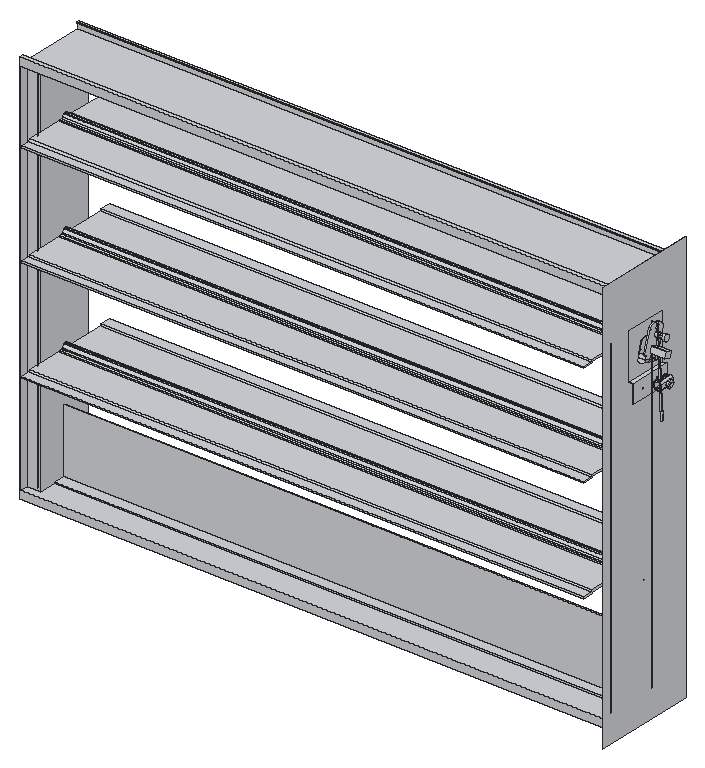
Revit family "BO-100", category Mechanical Equipment, Revit 2015
Parameters
  URL = "http://unitedenertech.com/catalog/pdf/E_10%20Model%20BO-100.pdf"
  Type Comments = "Max. Single Section Size is (36\"w x 24\"h)"
  Side Plate Height [instance] = Exact Height + 0' 1"  # 2' - 1"
  Model = "BO-100"
  Manufacturer = "United Enertech Corporation"
  Keynote = "This model is only a representation of the product, blade position will vary from built dampers."
  Exact Width = 3' - 0"
  Exact Height = 2' - 0"
  Description = "Rectangular Bowden Cable Damper"
  Blade Spacing = 0' - 6 1/4"
  Blade Number [instance] = rounddown((Exact Height - 0' 2 3/4") / Blade Spacing)  # 3
  BW [instance] = Exact Width - 0' 1 15/16"  # 2' - 10 1/16"
Reference planes (in)
  plane 1 "Center (Front/Back)": y = 0
  plane 2: z = 0
  plane 3 "Center (Left/Right)": x = 0
  plane 4: x = -18
  plane 5: x = 18
  plane 6: z = 24
  plane 7: z = 0.5
  plane 8: z = 23.5
  plane 9: x = -17.125
  plane 10: x = 17.125
  plane 11: z = 19.94956
  plane 12: z = 24.5
  plane 13: x = 18.0478
  plane 14: z = 20.22854
  plane 15: x = 19.49393
  plane 16: z = 21.85654
  plane 17: z = 21.36436
Forms (in)
  Extrusion 1, solid
    sketch origin (-10.94563, 56.53311, 0) x (0, 1, 0) y (-1, 0, 0)
      loop
        line (-56.53311, 6.97437) -> (-56.07011, 6.97437) -> (-56.07011, 6.17937) -> (-52.49611, 6.17937) -> (-52.49611, 6.97437) -> (-52.03311, 6.97437) -> (-52.03311, 7.05437) -> (-52.57611, 7.05437) -> (-52.57611, 6.46516) -> (-52.61757, 6.51649) -> (-52.6794, 6.56048) -> (-52.75426, 6.58054) -> (-52.77072, 6.48933)
        arc (-52.77072, 6.48933) -> (-52.68095, 6.36712) -> (-52.81664, 6.43482) r 0.078
        line (-52.81664, 6.43482) -> (-52.90129, 6.4267) -> (-52.87778, 6.33896) -> (-52.8428, 6.29687) -> (-52.79089, 6.25937) -> (-55.76027, 6.25937) -> (-55.71053, 6.30912) -> (-55.67609, 6.36632) -> (-55.67078, 6.44579) -> (-55.75297, 6.44579)
        arc (-55.75297, 6.44579) -> (-55.87883, 6.36035) -> (-55.80226, 6.4918) r 0.078
        line (-55.80226, 6.4918) -> (-55.81534, 6.5768) -> (-55.90864, 6.5518) -> (-55.94901, 6.51604) -> (-55.99011, 6.45116) -> (-55.99011, 7.05437) -> (-56.53311, 7.05437) -> (-56.53311, 6.97437)
    from 0.5 to 23.5
  Extrusion 2, solid
    sketch origin (10.94563, 56.53311, 0) x (0, 1, 0) y (-1, 0, 0)
      loop
        line (-56.53311, -6.97437) -> (-56.53311, -7.05437) -> (-55.99011, -7.05437) -> (-55.99011, -6.45116) -> (-55.94901, -6.51604) -> (-55.90864, -6.5518) -> (-55.81534, -6.5768) -> (-55.80226, -6.4918)
        arc (-55.80226, -6.4918) -> (-55.87883, -6.36035) -> (-55.75297, -6.44579) r 0.078
        line (-55.75297, -6.44579) -> (-55.67078, -6.44579) -> (-55.67609, -6.36632) -> (-55.71053, -6.30912) -> (-55.76027, -6.25937) -> (-52.79089, -6.25937) -> (-52.8428, -6.29687) -> (-52.87778, -6.33896) -> (-52.90129, -6.4267) -> (-52.81664, -6.43482)
        arc (-52.81664, -6.43482) -> (-52.68095, -6.36712) -> (-52.77072, -6.48933) r 0.078
        line (-52.77072, -6.48933) -> (-52.75426, -6.58054) -> (-52.6794, -6.56048) -> (-52.61757, -6.51649) -> (-52.57611, -6.46516) -> (-52.57611, -7.05437) -> (-52.03311, -7.05437) -> (-52.03311, -6.97437) -> (-52.49611, -6.97437) -> (-52.49611, -6.17937) -> (-56.07011, -6.17937) -> (-56.07011, -6.97437) -> (-56.53311, -6.97437)
    from 0.5 to 23.5
  Extrusion 3, solid
    sketch origin (-23.46325, -52.03311, -12.20737) x (0, -1, 0) y (0, 0, 1)
      loop
        line (-56.34511, 12.28737) -> (-56.45311, 12.28737) -> (-56.45311, 12.62737) -> (-52.11311, 12.62737) -> (-52.11311, 12.28737) -> (-52.22111, 12.28737) -> (-52.22111, 12.20737) -> (-52.03311, 12.20737) -> (-52.03311, 12.70737) -> (-56.53311, 12.70737) -> (-56.53311, 12.20737) -> (-56.34511, 12.20737) -> (-56.34511, 12.28737)
    from -41.46325 to -5.46325
  Extrusion 4, solid
    sketch origin (-35.31788, -52.03311, 54.20737) x (0, -1, 0) y (0, 0, -1)
      loop
        line (-56.34511, 30.29227) -> (-56.45311, 30.29227) -> (-56.45311, 30.63227) -> (-52.11311, 30.63227) -> (-52.11311, 30.29227) -> (-52.22111, 30.29227) -> (-52.22111, 30.20737) -> (-52.03311, 30.20737) -> (-52.03311, 30.71227) -> (-56.53311, 30.71227) -> (-56.53311, 30.21227) -> (-56.34511, 30.21227) -> (-56.34511, 30.29227)
    from 17.31788 to 53.31788
  Extrusion 5, solid
    sketch origin (-54.80861, -46.85261, 19.59636) x (0, -1, 0) y (0, 0, -1)
      loop
        line (-49.18361, -3.39974) -> (-49.18361, -3.89874) -> (-48.43361, -3.89874) -> (-48.43361, -3.81874) -> (-49.10261, -3.81874) -> (-49.10261, -3.39974) -> (-49.18361, -3.39974)
    from 37.68361 to 71.93361
  Extrusion 6, solid
    sketch origin (0, 7.30319, -4.76393) x (0, 1, 0) y (0, 0, 1)
      loop
        line (-5.05319, 5.26393) -> (-5.05319, 9.26393) -> (-5.13572, 9.26393) -> (-5.13572, 5.34205) -> (-5.80319, 5.34205) -> (-5.80319, 5.26393) -> (-5.05319, 5.26393)
    from -17.125 to 17.125
  Extrusion 7, solid
    sketch origin (0, 15.875, 0) x (0, 1, 0) y (0, 0, 1)
      loop
        line (-10.5, 24.5) -> (-16.75, 24.5) -> (-16.75, -0.5) -> (-10.5, -0.5) -> (-10.5, 24.5)
    from 18 to 18.0478
  Extrusion 8, solid
    sketch origin (0, 15.79116, 2.92061) x (0, 0.87462, 0.48481) y (0, -0.48481, 0.87462)
      loop
        line (-3.5705, 21.24882) -> (-3.31091, 21.50841) -> (-3.51835, 21.71586) -> (-3.58427, 21.7524) -> (-3.82917, 21.5075) -> (-3.5705, 21.24882)
    from 18 to 19.49393
Dimensions and locks (in)
  equal spacing: plane 4, plane 3 "Center (Left/Right)", plane 5
  "Exact Width": plane 4 to plane 5
  "Exact Height": plane 6 to level
  locked: plane 7 to level at 0.5
  locked: plane 6 to plane 8 at 0.5
  locked: plane 4 to plane 9 at 0.875
  locked: plane 10 to plane 5 at 0.875
  plane 8 to plane 11 = 0' - 3.55044"
  equal spacing: group 1, group 2, group 3  (x2)
  equal spacing: group 3, group 2, group 1
  "Blade Spacing": nested 1 to nested 2
  locked: plane 12 to plane 6 at 0.5
  locked: plane 5 to plane 13 at 0.0478
  "Side Plate Height": Extrusion 7 to Extrusion 7
  locked: plane 15 to plane 13 at 1.44613
  locked: plane 6 to plane 16 at 2.14346
  locked: plane 6 to plane 14 at 3.77146
  locked: plane 6 to plane 17 at 2.63564
  aligned and locked: level to plane 2
  aligned and locked: Extrusion 1 to plane 7
  aligned and locked: Extrusion 2 to plane 7
  aligned and locked: plane 5 to Extrusion 3
  aligned and locked: plane 4 to Extrusion 3
  aligned and locked: plane 6 to Extrusion 4
  aligned and locked: plane 5 to Extrusion 4
  aligned and locked: plane 4 to Extrusion 4
  aligned and locked: plane 8 to Extrusion 1
  aligned and locked: plane 8 to Extrusion 2
  aligned and locked: Extrusion 5 to Extrusion 4
  aligned and locked: plane 10 to Extrusion 5
  aligned and locked: Extrusion 5 to plane 9
  aligned and locked: plane 3 "Center (Left/Right)" to nested 1
  aligned and locked: plane 11 to nested 1
  aligned and locked: plane 10 to Extrusion 6
  aligned and locked: Extrusion 6 to plane 9
  aligned and locked: plane 13 to Extrusion 7
  aligned and locked: Extrusion 7 to plane 5
  aligned and locked: Extrusion 8 to plane 5
  aligned and locked: Extrusion 8 to plane 15
  aligned and locked: nested 4 to plane 13
  aligned and locked: plane 17 to nested 4
Automatic sketch dimensions
  Extrusion 3 sketch curve to level = 0' - 0"  (x2)
  Extrusion 3 sketch curve to plane 7 = 0' - 0"
  Extrusion 3 sketch curve to plane 1 "Center (Front/Back)" = 0' - 0"
  Extrusion 3 sketch curve to plane 1 "Center (Front/Back)" = 0' - 0.08"
  Extrusion 3 sketch curve to Extrusion 3 sketch curve = 0' - 0.108"  (x2)
  Extrusion 3 sketch curve to Extrusion 3 sketch curve = 0' - 4.124"
  Extrusion 3 sketch curve to plane 7 = 0' - 0.08"
  Extrusion 3 sketch curve to Extrusion 3 sketch curve = 0' - 0.08"
  level to Extrusion 3 sketch curve = 0' - 0.08"  (x2)
  Extrusion 6 sketch curve to plane 1 "Center (Front/Back)" = 0' - 2.16746"
  Extrusion 6 sketch curve to Extrusion 6 sketch curve = 0' - 0.08254"
  Extrusion 6 sketch curve to Extrusion 6 sketch curve = 0' - 0 5/64"
  Extrusion 6 sketch curve to Extrusion 6 sketch curve = 0' - 3 59/64"
  Extrusion 6 sketch curve to Extrusion 6 sketch curve = 0' - 0.66746"
  Extrusion 6 sketch curve to plane 7 = 0' - 0"
  Extrusion 4 sketch curve to plane 6 = 0' - 0"
  Extrusion 4 sketch curve to plane 1 "Center (Front/Back)" = 0' - 0"
  Extrusion 4 sketch curve to plane 1 "Center (Front/Back)" = 0' - 0.08"
  Extrusion 4 sketch curve to Extrusion 4 sketch curve = 0' - 0.108"  (x2)
  Extrusion 4 sketch curve to plane 6 = 0' - 0.0849"  (x2)
  Extrusion 4 sketch curve to Extrusion 4 sketch curve = 0' - 4.124"
  Extrusion 4 sketch curve to plane 8 = 0' - 0.0049"
  Extrusion 4 sketch curve to Extrusion 4 sketch curve = 0' - 0.08"
  Extrusion 4 sketch curve to plane 6 = 0' - 0.0049"
  plane 8 to Extrusion 4 sketch curve = 0' - 0.0751"
  Extrusion 5 sketch curve to plane 8 = 0' - 0.0049"
  Extrusion 5 sketch curve to plane 1 "Center (Front/Back)" = 0' - 2.331"
  Extrusion 5 sketch curve to Extrusion 5 sketch curve = 0' - 0.081"
  Extrusion 5 sketch curve to Extrusion 5 sketch curve = 0' - 0.669"
  Extrusion 5 sketch curve to Extrusion 5 sketch curve = 0' - 0.08"
  Extrusion 5 sketch curve to Extrusion 5 sketch curve = 0' - 0.419"
  plane 12 to Extrusion 7 sketch curve = 0' - 0"
  plane 1 "Center (Front/Back)" to Extrusion 7 sketch curve = 0' - 0 7/8"
  Extrusion 7 sketch curve to level = 0' - 0 1/2"
  Extrusion 7 sketch curve to plane 1 "Center (Front/Back)" = 0' - 5 3/8"
  plane 1 "Center (Front/Back)" to Extrusion 1 sketch curve = 0' - 0"
  Extrusion 1 sketch curve to plane 9 = 0' - 0"
  Extrusion 1 sketch curve to plane 4 = 0' - 0"  (x2)
  Extrusion 1 sketch curve to plane 4 = 0' - 0.08"  (x2)
  Extrusion 1 sketch curve to plane 1 "Center (Front/Back)" = 0' - 0.463"
  Extrusion 1 sketch curve to Extrusion 1 sketch curve = 0' - 0.08"  (x2)
  Extrusion 1 sketch curve to Extrusion 1 sketch curve = 0' - 0.0411"
  Extrusion 1 sketch curve to Extrusion 1 sketch curve = 0' - 0.04037"
  Extrusion 1 sketch curve to Extrusion 1 sketch curve = 0' - 0.08303"
  Extrusion 1 sketch curve to Extrusion 1 sketch curve = 0' - 0.0933"
  Extrusion 1 sketch curve to plane 9 = 0' - 0.31242"
  Extrusion 1 sketch curve to Extrusion 1 sketch curve = 0' - 0.02335"
  Extrusion 1 sketch curve to plane 9 = 0' - 0.08"
  Extrusion 1 sketch curve to Extrusion 1 sketch curve = 0' - 0.06534"
  Extrusion 1 sketch curve to Extrusion 1 sketch curve = 0' - 0.04929"
  Extrusion 1 sketch curve to plane 9 = 0' - 0.12974"
  Extrusion 1 sketch curve to Extrusion 1 sketch curve = 0' - 0.04974"
  Extrusion 1 sketch curve to plane 9 = 0' - 0.18694"
  Extrusion 1 sketch curve to Extrusion 1 sketch curve = 0' - 0.03444"
  Extrusion 1 sketch curve to Extrusion 1 sketch curve = 0' - 0.00531"
  Extrusion 1 sketch curve to plane 9 = 0' - 0.24733"
  Extrusion 1 sketch curve to Extrusion 1 sketch curve = 0' - 2.76949"
  Extrusion 1 sketch curve to plane 9 = 0' - 0.15959"
  Extrusion 1 sketch curve to Extrusion 1 sketch curve = 0' - 0.02351"
  Extrusion 1 sketch curve to plane 9 = 0' - 0.11749"
  Extrusion 1 sketch curve to Extrusion 1 sketch curve = 0' - 0.03498"
  Extrusion 1 sketch curve to plane 9 = 0' - 0.25544"
  Extrusion 1 sketch curve to Extrusion 1 sketch curve = 0' - 0.08465"
  Extrusion 1 sketch curve to Extrusion 1 sketch curve = 0' - 0.05191"
  Extrusion 1 sketch curve to plane 9 = 0' - 0.30996"
  Extrusion 1 sketch curve to Extrusion 1 sketch curve = 0' - 0.04592"
  Extrusion 1 sketch curve to plane 9 = 0' - 0.40116"
  Extrusion 1 sketch curve to Extrusion 1 sketch curve = 0' - 0.01646"
  Extrusion 1 sketch curve to Extrusion 1 sketch curve = 0' - 0.07602"
  Extrusion 1 sketch curve to plane 9 = 0' - 0.3811"
  Extrusion 1 sketch curve to Extrusion 1 sketch curve = 0' - 0.07486"
  Extrusion 1 sketch curve to plane 9 = 0' - 0.33712"
  Extrusion 1 sketch curve to Extrusion 1 sketch curve = 0' - 0.06183"
  Extrusion 1 sketch curve to Extrusion 1 sketch curve = 0' - 0.04146"
  Extrusion 1 sketch curve to Extrusion 1 sketch curve = 0' - 0.463"
  Extrusion 1 sketch curve to Extrusion 1 sketch curve = 0' - 0.07442"
  Extrusion 1 sketch curve to Extrusion 1 sketch curve = 0' - 0.03378"
  Extrusion 1 sketch curve to Extrusion 1 sketch curve = 0' - 0.05133"
  Extrusion 1 sketch curve to Extrusion 1 sketch curve = 0' - 0.06488"
  Extrusion 1 sketch curve to Extrusion 1 sketch curve = 0' - 0.03576"
  Extrusion 1 sketch curve to Extrusion 1 sketch curve = 0' - 0.085"
  plane 1 "Center (Front/Back)" to Extrusion 2 sketch curve = 0' - 0"
  Extrusion 2 sketch curve to plane 10 = 0' - 0"
  Extrusion 2 sketch curve to plane 5 = 0' - 0"  (x2)
  plane 5 to Extrusion 2 sketch curve = 0' - 0.08"  (x2)
  Extrusion 2 sketch curve to Extrusion 2 sketch curve = 0' - 0.463"  (x2)
  Extrusion 2 sketch curve to Extrusion 2 sketch curve = 0' - 0.08"  (x2)
  Extrusion 2 sketch curve to Extrusion 2 sketch curve = 0' - 0.0411"
  Extrusion 2 sketch curve to Extrusion 2 sketch curve = 0' - 0.04037"
  Extrusion 2 sketch curve to Extrusion 2 sketch curve = 0' - 0.08303"
  Extrusion 2 sketch curve to Extrusion 2 sketch curve = 0' - 0.0933"
  Extrusion 2 sketch curve to plane 10 = 0' - 0.31242"
  Extrusion 2 sketch curve to Extrusion 2 sketch curve = 0' - 0.02335"
  Extrusion 2 sketch curve to plane 10 = 0' - 0.08"
  Extrusion 2 sketch curve to Extrusion 2 sketch curve = 0' - 0.06534"
  Extrusion 2 sketch curve to Extrusion 2 sketch curve = 0' - 0.04929"
  Extrusion 2 sketch curve to plane 10 = 0' - 0.12974"
  Extrusion 2 sketch curve to Extrusion 2 sketch curve = 0' - 0.04974"
  Extrusion 2 sketch curve to plane 10 = 0' - 0.18694"
  Extrusion 2 sketch curve to Extrusion 2 sketch curve = 0' - 0.03444"
  Extrusion 2 sketch curve to Extrusion 2 sketch curve = 0' - 0.00531"
  Extrusion 2 sketch curve to plane 10 = 0' - 0.24733"
  Extrusion 2 sketch curve to Extrusion 2 sketch curve = 0' - 2.76949"
  Extrusion 2 sketch curve to plane 10 = 0' - 0.15959"
  Extrusion 2 sketch curve to Extrusion 2 sketch curve = 0' - 0.02351"
  Extrusion 2 sketch curve to plane 10 = 0' - 0.11749"
  Extrusion 2 sketch curve to Extrusion 2 sketch curve = 0' - 0.03498"
  Extrusion 2 sketch curve to plane 10 = 0' - 0.25544"
  Extrusion 2 sketch curve to Extrusion 2 sketch curve = 0' - 0.08465"
  Extrusion 2 sketch curve to Extrusion 2 sketch curve = 0' - 0.05191"
  Extrusion 2 sketch curve to plane 10 = 0' - 0.30996"
  Extrusion 2 sketch curve to Extrusion 2 sketch curve = 0' - 0.04592"
  Extrusion 2 sketch curve to plane 10 = 0' - 0.40116"
  Extrusion 2 sketch curve to Extrusion 2 sketch curve = 0' - 0.01646"
  Extrusion 2 sketch curve to Extrusion 2 sketch curve = 0' - 0.07602"
  Extrusion 2 sketch curve to plane 10 = 0' - 0.3811"
  Extrusion 2 sketch curve to Extrusion 2 sketch curve = 0' - 0.07486"
  Extrusion 2 sketch curve to plane 10 = 0' - 0.33712"
  Extrusion 2 sketch curve to Extrusion 2 sketch curve = 0' - 0.06183"
  Extrusion 2 sketch curve to Extrusion 2 sketch curve = 0' - 0.04146"
  Extrusion 2 sketch curve to Extrusion 2 sketch curve = 0' - 0.07442"
  Extrusion 2 sketch curve to Extrusion 2 sketch curve = 0' - 0.03378"
  Extrusion 2 sketch curve to Extrusion 2 sketch curve = 0' - 0.05133"
  Extrusion 2 sketch curve to Extrusion 2 sketch curve = 0' - 0.06488"
  Extrusion 2 sketch curve to Extrusion 2 sketch curve = 0' - 0.03576"
  Extrusion 2 sketch curve to Extrusion 2 sketch curve = 0' - 0.085"
  Extrusion 8 sketch curve to plane 11 = 0' - 0.07448"
  Extrusion 8 sketch curve to plane 1 "Center (Front/Back)" = 0' - 2.01505"
  Extrusion 8 sketch curve to Extrusion 8 sketch curve = 0' - 0.25868"
  Extrusion 8 sketch curve to Extrusion 8 sketch curve = 0' - 0.31082"
  Extrusion 8 sketch curve to Extrusion 8 sketch curve = 0' - 0.06592"
  Extrusion 8 sketch curve to Extrusion 8 sketch curve = 0' - 0.03654"
  Extrusion 8 sketch curve to Extrusion 8 sketch curve = 0' - 0.20744"
Nested families (in)
  nested 1: "CDBLADE" at (0, -2.64852, 14.0043), type "CDBLADE"
    with Blade Width 2' - 10 1/16"
  nested 2: "CDBLADE" at (0, -2.64852, 7.7543), type "CDBLADE"
    with Blade Width 2' - 10 1/16"
  nested 3: "CDBLADE" at (0, -2.64852, 1.5043), type "CDBLADE"
    with Blade Width 2' - 10 1/16"
  nested 4: "Bowden Controller" at (9.98214, 3.49585, 28.84635) x (0, 0, 1) z (0, -1, 0), type "Bowden Controller"
Definition of nested family "CDBLADE"
  Parameters (values of type "CDBLADE")
    Blade Width = 2' - 0"
  Reference planes (in)
    plane 1 "Center (Front/Back)": y = 0
    plane 2: z = 0
    plane 3 "Center (Left/Right)": x = 0
    plane 4: x = -12
    plane 5: x = 12
    plane 6: x = 13
    plane 7: x = 10
    plane 8: x = -10
    plane 9: x = -13
  Forms (in)
    Extrusion 1, solid
      sketch origin (-4.01787, 39.3726, 0.84574) x (0, 1, 0) y (0, 0, 1)
        loop
          line (-34.73332, 5.15315) -> (-34.47458, 4.89351) -> (-34.21494, 5.15234) -> (-34.47408, 5.41148) -> (-34.73332, 5.15315)
      from 14.01787 to 17.01787
    Extrusion 2, solid
      sketch origin (-4.01787, -27.59093, -0.63909) x (0, -1, 0) y (0, 0, -1)
        loop
          line (-35.80383, -6.69185) -> (-35.80383, -6.77356) -> (-35.19434, -6.77356) -> (-35.13423, -6.68767) -> (-32.97747, -6.69982) -> (-32.83541, -6.72864) -> (-32.73109, -6.79397) -> (-32.56192, -6.96162) -> (-32.49539, -6.99587) -> (-32.43982, -6.98181) -> (-32.38723, -6.93174) -> (-32.25542, -6.79981) -> (-32.17789, -6.744) -> (-32.09104, -6.71015) -> (-31.98943, -6.69867) -> (-29.80199, -6.67883) -> (-29.73737, -6.58434) -> (-29.17594, -6.58434) -> (-29.17594, -6.49977) -> (-29.78569, -6.49977) -> (-29.84356, -6.5857) -> (-32.02043, -6.57341) -> (-32.24214, -6.52605) -> (-32.26394, -6.60365) -> (-32.23071, -6.63677) -> (-32.48945, -6.89631) -> (-32.74909, -6.63757) -> (-32.49035, -6.37794) -> (-32.41459, -6.45346) -> (-32.34512, -6.38399) -> (-32.42473, -6.30635) -> (-32.5126, -6.28231) -> (-32.57292, -6.32333) -> (-32.71384, -6.46424) -> (-32.7897, -6.52327) -> (-32.8836, -6.56221) -> (-32.98369, -6.5746) -> (-35.17817, -6.59456) -> (-35.24451, -6.69185) -> (-35.80383, -6.69185)
      from -7.98213 to 16.01787
    Extrusion 3, solid
      sketch origin (-13.76787, -29.57556, 0.84574) x (0, -1, 0) y (0, 0, -1)
        loop
          line (-34.73332, -5.15315) -> (-34.47408, -5.41148) -> (-34.21494, -5.15234) -> (-34.47458, -4.89351) -> (-34.73332, -5.15315)
      from 0.76787 to 3.76787
  Dimensions and locks (in)
    equal spacing: plane 4, plane 3 "Center (Left/Right)", plane 5
    "Blade Width": plane 4 to plane 5
    locked: plane 9 to plane 4 at 1
    locked: plane 4 to plane 8 at 2
    locked: plane 7 to plane 5 at 2
    locked: plane 5 to plane 6 at 1
    aligned and locked: level to plane 2
    aligned and locked: Extrusion 1 to plane 6
    aligned and locked: plane 7 to Extrusion 1
    aligned and locked: plane 9 to Extrusion 3
    aligned and locked: Extrusion 3 to plane 8
    aligned and locked: plane 5 to Extrusion 2
    aligned and locked: plane 4 to Extrusion 2
  Automatic sketch dimensions
    Extrusion 1 sketch curve to plane 1 "Center (Front/Back)" = 0' - 4.63929"
    Extrusion 1 sketch curve to Extrusion 1 sketch curve = 0' - 0.25873"
    Extrusion 1 sketch curve to Extrusion 1 sketch curve = 0' - 0.25923"
    Extrusion 1 sketch curve to Extrusion 1 sketch curve = 0' - 0.25914"
    level to Extrusion 1 sketch curve = 0' - 5.73925"
    Extrusion 1 sketch curve to Extrusion 1 sketch curve = 0' - 0.25883"
    Extrusion 1 sketch curve to Extrusion 1 sketch curve = 0' - 0.25964"
    Extrusion 2 sketch curve to plane 1 "Center (Front/Back)" = 0' - 8.2129"
    Extrusion 2 sketch curve to Extrusion 2 sketch curve = 0' - 0.55932"
    Extrusion 2 sketch curve to Extrusion 2 sketch curve = 0' - 0.05017"
    Extrusion 2 sketch curve to Extrusion 2 sketch curve = 0' - 0.06634"
    Extrusion 2 sketch curve to Extrusion 2 sketch curve = 0' - 0.04394"
    Extrusion 2 sketch curve to Extrusion 2 sketch curve = 0' - 2.15054"
    Extrusion 2 sketch curve to Extrusion 2 sketch curve = 0' - 0.00621"
    Extrusion 2 sketch curve to Extrusion 2 sketch curve = 0' - 0.10009"
    Extrusion 2 sketch curve to Extrusion 2 sketch curve = 0' - 0.14206"
    Extrusion 2 sketch curve to Extrusion 2 sketch curve = 0' - 0.0939"
    Extrusion 2 sketch curve to Extrusion 2 sketch curve = 0' - 0.04061"
    Extrusion 2 sketch curve to Extrusion 2 sketch curve = 0' - 0.10431"
    Extrusion 2 sketch curve to Extrusion 2 sketch curve = 0' - 0.07586"
    Extrusion 2 sketch curve to Extrusion 2 sketch curve = 0' - 0.14092"
    Extrusion 2 sketch curve to Extrusion 2 sketch curve = 0' - 0.16917"
    Extrusion 2 sketch curve to Extrusion 2 sketch curve = 0' - 0.06032"
    Extrusion 2 sketch curve to Extrusion 2 sketch curve = 0' - 0.06653"
    Extrusion 2 sketch curve to Extrusion 2 sketch curve = 0' - 0.02225"
    Extrusion 2 sketch curve to Extrusion 2 sketch curve = 0' - 0.07248"
    Extrusion 2 sketch curve to Extrusion 2 sketch curve = 0' - 0.05557"
    Extrusion 2 sketch curve to Extrusion 2 sketch curve = 0' - 0.08788"
    Extrusion 2 sketch curve to Extrusion 2 sketch curve = 0' - 0.07576"
    Extrusion 2 sketch curve to Extrusion 2 sketch curve = 0' - 0.0526"
    Extrusion 2 sketch curve to Extrusion 2 sketch curve = 0' - 0.06947"  (x2)
    Extrusion 2 sketch curve to Extrusion 2 sketch curve = 0' - 0.15066"
    Extrusion 2 sketch curve to Extrusion 2 sketch curve = 0' - 0.1318"
    Extrusion 2 sketch curve to Extrusion 2 sketch curve = 0' - 0.0218"
    Extrusion 2 sketch curve to Extrusion 2 sketch curve = 0' - 0.03322"
    Extrusion 2 sketch curve to Extrusion 2 sketch curve = 0' - 0.07753"
    Extrusion 2 sketch curve to Extrusion 2 sketch curve = 0' - 0.08685"
    Extrusion 2 sketch curve to Extrusion 2 sketch curve = 0' - 0.0706"
    Extrusion 2 sketch curve to Extrusion 2 sketch curve = 0' - 0.1016"
    Extrusion 2 sketch curve to Extrusion 2 sketch curve = 0' - 2.14587"
    Extrusion 2 sketch curve to Extrusion 2 sketch curve = 0' - 0.04157"
    Extrusion 2 sketch curve to Extrusion 2 sketch curve = 0' - 0.05787"
    Extrusion 2 sketch curve to Extrusion 2 sketch curve = 0' - 0.04833"
    Extrusion 2 sketch curve to Extrusion 2 sketch curve = 0' - 0.56142"
    level to Extrusion 2 sketch curve = 0' - 6.35678"
    Extrusion 2 sketch curve to Extrusion 2 sketch curve = 0' - 0.01406"
    Extrusion 2 sketch curve to Extrusion 2 sketch curve = 0' - 0.03425"
    Extrusion 2 sketch curve to Extrusion 2 sketch curve = 0' - 0.05007"
    Extrusion 2 sketch curve to Extrusion 2 sketch curve = 0' - 0.06531"
    Extrusion 2 sketch curve to Extrusion 2 sketch curve = 0' - 0.13193"
    Extrusion 2 sketch curve to Extrusion 2 sketch curve = 0' - 0.16765"
    Extrusion 2 sketch curve to Extrusion 2 sketch curve = 0' - 0.02041"
    Extrusion 2 sketch curve to Extrusion 2 sketch curve = 0' - 0.05581"
    Extrusion 2 sketch curve to Extrusion 2 sketch curve = 0' - 0.06533"
    Extrusion 2 sketch curve to Extrusion 2 sketch curve = 0' - 0.03385"
    Extrusion 2 sketch curve to Extrusion 2 sketch curve = 0' - 0.02882"
    Extrusion 2 sketch curve to Extrusion 2 sketch curve = 0' - 0.01149"
    Extrusion 2 sketch curve to Extrusion 2 sketch curve = 0' - 0.08171"
    Extrusion 2 sketch curve to Extrusion 2 sketch curve = 0' - 0.08589"
    Extrusion 2 sketch curve to Extrusion 2 sketch curve = 0' - 0.01983"
    Extrusion 2 sketch curve to Extrusion 2 sketch curve = 0' - 0.09106"
    Extrusion 2 sketch curve to Extrusion 2 sketch curve = 0' - 0.10723"
    Extrusion 2 sketch curve to Extrusion 2 sketch curve = 0' - 0.03312"
    Extrusion 2 sketch curve to Extrusion 2 sketch curve = 0' - 0.09311"
    Extrusion 2 sketch curve to Extrusion 2 sketch curve = 0' - 0.09314"
    Extrusion 2 sketch curve to Extrusion 2 sketch curve = 0' - 0.09449"
    Extrusion 2 sketch curve to Extrusion 2 sketch curve = 0' - 0.12522"
    Extrusion 2 sketch curve to Extrusion 2 sketch curve = 0' - 0.12526"
    Extrusion 2 sketch curve to Extrusion 2 sketch curve = 0' - 0.01239"
    Extrusion 2 sketch curve to Extrusion 2 sketch curve = 0' - 0.0776"
    Extrusion 2 sketch curve to Extrusion 2 sketch curve = 0' - 0.03894"
    Extrusion 2 sketch curve to Extrusion 2 sketch curve = 0' - 0.08457"
    Extrusion 2 sketch curve to Extrusion 2 sketch curve = 0' - 0.05902"
    Extrusion 2 sketch curve to Extrusion 2 sketch curve = 0' - 0.07552"
    Extrusion 2 sketch curve to Extrusion 2 sketch curve = 0' - 0.05461"
    Extrusion 2 sketch curve to Extrusion 2 sketch curve = 0' - 0.07159"
    Extrusion 2 sketch curve to Extrusion 2 sketch curve = 0' - 0.04101"
    Extrusion 3 sketch curve to plane 1 "Center (Front/Back)" = 0' - 5.15775"
    Extrusion 3 sketch curve to Extrusion 3 sketch curve = 0' - 0.25873"
    Extrusion 3 sketch curve to Extrusion 3 sketch curve = 0' - 0.25923"
    Extrusion 3 sketch curve to Extrusion 3 sketch curve = 0' - 0.25914"  (x2)
    level to Extrusion 3 sketch curve = 0' - 6.25722"
    Extrusion 3 sketch curve to Extrusion 3 sketch curve = 0' - 0.25833"
Definition of nested family "Bowden Controller"
  Reference planes (in)
    plane 1 "Center (Front/Back)": y = 0
    plane 2: z = 0
    plane 3 "Center (Left/Right)": x = 0
  Forms (in)
    Extrusion 1, solid
      sketch origin (0, 1.16568, 0) x (1, 0, 0) y (0, 1, 0)
        loop
          line (-11.33818, -9.57834) -> (-10.24418, -9.57834) -> (-10.24418, -9.27914) -> (-7.48198, -9.27914) -> (-7.48198, -9.23134) -> (-10.29198, -9.23134) -> (-10.29198, -9.53054) -> (-11.33818, -9.53054) -> (-11.33818, -9.57834)
      from 0 to 2.5
    Extrusion 2, void
      sketch origin (0, 0, 0) x (1, 0, 0) y (0, 0, 1)
        loop
          circle (-10.80456, 1.814) r 0.1
      from 8.11346 to 8.69111
    Extrusion 3, void
      sketch origin (0, 0, 2.5) x (1, 0, 0) y (0, 0, 1)
        loop
          circle (-10.80456, -1.814) r 0.1
      from 8.11346 to 8.69111
    Extrusion 4, void
      sketch origin (0, 0, 0) x (1, 0, 0) y (0, 0, 1)
        loop
          circle (-8.86308, 1.25) r 0.4375
      from 7.46393 to 8.69111
    Extrusion 5, solid
      sketch origin (-4.60825, -8.36486, -0.54008) x (1, 0, 0) y (0, 0, 1)
        loop
          circle (-6.1963, 1.22608) r 0.095
      from 0 to 0.88668
    Revolve 6, solid
      sketch origin (-4.60825, -8.36486, 0.686) x (1, 0, 0) y (0, 1, 0)
        loop
          line (-6.4163, 0.125) -> (-6.2913, 0) -> (-6.1963, 0) -> (-6.1963, 0.125) -> (-6.4163, 0.125)
        axis (-6.1963, 0) -> (-6.1963, 0.125)
      angle from 0 to 360
    Extrusion 7, solid
      sketch origin (-6.09625, -8.43895, -0.48569) x (1, 0, 0) y (0, 0, 1)
        loop
          line (-4.89304, 1.27995) -> (-4.89304, 1.06344) -> (-4.70554, 0.95519) -> (-4.51804, 1.06344) -> (-4.51804, 1.27995) -> (-4.70554, 1.3882) -> (-4.89304, 1.27995)
      from 0 to 0.128
    Extrusion 8, void
      sketch origin (-5.45346, -8.43895, 0.28035) x (1, 0, 0) y (0, 0, 1)
        loop
          circle (-5.34833, 0.40565) r 0.095
      from -0.10167 to 0.17385
    Extrusion 9, solid
      sketch origin (-18.94958, 1.04, 0.35517) x (0, 1, 0) y (-1, 0, 0)
        loop
          line (-9.8671, -8.39503) -> (-9.77214, -8.39503)
          arc (-9.77214, -8.39503) -> (-9.68372, -8.3584) -> (-9.6471, -8.26999) r 0.12504
          line (-9.6471, -8.26999) -> (-9.6471, -8.02073)
          arc (-9.6471, -8.02073) -> (-9.68391, -7.93184) -> (-9.7728, -7.89503) r 0.12571
          line (-9.7728, -7.89503) -> (-9.8671, -7.89503) -> (-9.8671, -7.94283) -> (-9.75861, -7.94283)
          arc (-9.75861, -7.94283) -> (-9.71356, -7.96149) -> (-9.6949, -8.00654) r 0.06372
          line (-9.6949, -8.00654) -> (-9.6949, -8.28351)
          arc (-9.6949, -8.28351) -> (-9.71356, -8.32856) -> (-9.75861, -8.34723) r 0.06372
          line (-9.75861, -8.34723) -> (-9.8671, -8.34723) -> (-9.8671, -8.39503)
      from 0 to 0.835
    Extrusion 10, void
      sketch origin (-18.94958, -8.51144, 1.1835) x (-1, 0, 0) y (0, 0, -1)
        loop
          circle (-8.14503, 0.495) r 0.105
      from 0 to 0.26024
    Extrusion 11, void
      sketch origin (-2.65953, 3.23856, 0.1935) x (0, 1, 0) y (0, 0, 1)
        loop
          circle (-12.06566, 0.82667) r 0.094
      from -8.5611 to -7.71467
    Extrusion 12, solid
      sketch origin (-18.94958, -18.69419, 0.35517) x (0, 1, 0) y (-1, 0, 0)
        loop
          line (9.8671, -8.39503) -> (9.8671, -8.34723) -> (9.75861, -8.34723)
          arc (9.75861, -8.34723) -> (9.71356, -8.32856) -> (9.6949, -8.28351) r 0.06372
          line (9.6949, -8.28351) -> (9.6949, -8.00654)
          arc (9.6949, -8.00654) -> (9.71356, -7.96149) -> (9.75861, -7.94283) r 0.06372
          line (9.75861, -7.94283) -> (9.8671, -7.94283) -> (9.8671, -7.89503) -> (9.7728, -7.89503)
          arc (9.7728, -7.89503) -> (9.68391, -7.93184) -> (9.6471, -8.02073) r 0.12571
          line (9.6471, -8.02073) -> (9.6471, -8.26999)
          arc (9.6471, -8.26999) -> (9.68372, -8.3584) -> (9.77214, -8.39503) r 0.12504
          line (9.77214, -8.39503) -> (9.8671, -8.39503)
      from 0 to 0.835
    Extrusion 13, void
      sketch origin (-18.94958, -9.14276, 1.1835) x (-1, 0, 0) y (0, 0, 1)
        loop
          circle (-8.14503, -0.495) r 0.105
      from 0 to 0.26024
    Extrusion 14, void
      sketch origin (-2.65953, -20.89276, 0.1935) x (0, -1, 0) y (0, 0, -1)
        loop
          circle (-12.06566, -0.82667) r 0.094
      from -8.5611 to -7.71467
    Extrusion 15, solid
      sketch origin (-6.09625, -9.21525, -0.48569) x (1, 0, 0) y (0, 0, -1)
        loop
          line (-4.89304, -1.27995) -> (-4.70554, -1.3882) -> (-4.51804, -1.27995) -> (-4.51804, -1.06344) -> (-4.70554, -0.95519) -> (-4.89304, -1.06344) -> (-4.89304, -1.27995)
      from 0 to 0.128
    Extrusion 16, solid
      sketch origin (-4.89874, 1.46452, -0.48487) x (0.956305, 0, -0.292372) y (0, 1, 0)
        loop
          line (-2.93734, -10.02044) -> (-2.93734, -9.93944) -> (-4.78584, -9.93944)
          arc (-4.78584, -9.93944) -> (-4.91734, -9.80794) -> (-4.78584, -9.67644) r 0.1315
          line (-4.78584, -9.67644) -> (-3.72534, -9.67644) -> (-3.72534, -9.59544) -> (-4.78584, -9.59544)
          arc (-4.78584, -9.59544) -> (-4.99834, -9.80794) -> (-4.78584, -10.02044) r 0.2125
          line (-4.78584, -10.02044) -> (-2.93734, -10.02044)
      from 0 to 1
    Extrusion 17, void
      sketch origin (-4.89874, 1.46452, -0.48487) x (0.956305, 0, -0.292372) y (0.292372, 0, 0.956305)
        loop
          line (-3.188, 0) -> (-3.188, -0.19122) -> (-2.56999, -0.19122) -> (-2.56999, 1.22154) -> (-3.188, 1.22154) -> (-3.188, 1)
          arc (-3.188, 1) -> (-2.93734, 0.5) -> (-3.188, 0) r 0.62402
      from 9.88197 to 10.10816
    Extrusion 18, void
      sketch origin (-5.65231, 1.46452, -0.25448) x (0.956305, 0, -0.292372) y (0.292372, 0, 0.956305)
        loop
          line (-3.188, 0) -> (-3.188, -0.19122) -> (-2.56999, -0.19122) -> (-2.56999, 1.22154) -> (-3.188, 1.22154) -> (-3.188, 1)
          arc (-3.188, 1) -> (-2.93734, 0.5) -> (-3.188, 0) r 0.62402
      from 9.52572 to 9.8001
    Extrusion 19, void
      sketch origin (-4.89874, 1.46452, -0.48487) x (0.956305, 0, -0.292372) y (0.292372, 0, 0.956305)
        loop
          circle (-3.18334, 0.5) r 0.125
      from 9.67644 to 10.5
    Extrusion 20, void
      sketch origin (-4.89874, 1.46452, -0.48487) x (0.956305, 0, -0.292372) y (0.292372, 0, 0.956305)
        loop
          circle (-3.53134, 0.5) r 0.125
      from 9.67644 to 10.52044
    Extrusion 21, void
      sketch origin (-4.89874, 1.46452, -0.48487) x (0.956305, 0, -0.292372) y (0.292372, 0, 0.956305)
        loop
          line (-5.15454, 0.581) -> (-5.15454, 0.419) -> (-4.49084, 0.419) -> (-4.49084, 0.3075) -> (-4.10584, 0.3075) -> (-4.10584, 0.6925) -> (-4.49084, 0.6925) -> (-4.49084, 0.581) -> (-5.15454, 0.581)
      from 9.25154 to 10.26854
    Extrusion 22, void
      sketch origin (-4.96808, 1.46452, -0.71164) x (0.956305, 0, -0.292372) y (0.292372, 0, 0.956305)
        loop
          line (-4.99834, 1.23714) -> (-4.99834, 1.10514) -> (-4.57534, 1.10514) -> (-4.57534, 1.23714) -> (-4.99834, 1.23714)
      from 9.25154 to 10.19885
    Extrusion 23, void
      sketch origin (-5.22186, 1.46452, -1.54172) x (0.956305, 0, -0.292372) y (0.292372, 0, 0.956305)
        loop
          line (-4.99834, 1.23714) -> (-4.99834, 1.10514) -> (-4.57534, 1.10514) -> (-4.57534, 1.23714) -> (-4.99834, 1.23714)
      from 9.25154 to 10.19885
    Extrusion 24, solid
      sketch origin (-8.08776, -14.52887, 1.33974) x (0, -1, 0) y (-0.956305, 0, 0.292372)
        loop
          circle (-6.1963, 1.22608) r 0.095
      from 0 to 0.88668
    Revolve 25, solid
      sketch origin (-9.26026, -14.52887, 1.69821) x (0, -1, 0) y (0.292372, 0, 0.956305)
        loop
          line (-6.4163, 0.125) -> (-6.2913, 0) -> (-6.1963, 0) -> (-6.1963, 0.125) -> (-6.4163, 0.125)
        axis (-6.1963, 0) -> (-6.1963, 0.125)
      angle from 0 to 360
    Extrusion 26, solid
      sketch origin (-8.38839, -13.04087, 0.5424) x (0, -1, 0) y (0.956305, 0, -0.292372)
        loop
          line (-4.89304, -1.27995) -> (-4.70554, -1.3882) -> (-4.51804, -1.27995) -> (-4.51804, -1.06344) -> (-4.70554, -0.95519) -> (-4.89304, -1.06344) -> (-4.89304, -1.27995)
      from 0 to 0.128
    Extrusion 27, void
      sketch origin (-5.45346, -9.12437, 0.28035) x (1, 0, 0) y (0, 0, 1)
        loop
          circle (-5.34833, 0.40565) r 0.095
      from -0.10167 to 0.17385
    Extrusion 28, void
      sketch origin (-9.09439, -13.68366, 0.85328) x (0, -1, 0) y (-0.956305, 0, 0.292372)
        loop
          circle (-5.34833, 0.40565) r 0.095
      from -0.10167 to 0.17385
    Extrusion 29, solid
      sketch origin (-3.32807, -8.40992, -0.88362) x (1, 0, 0) y (0, 0, 1)
        loop
          circle (-4.80153, 1.90937) r 0.175
      from 0 to 0.065
    Extrusion 30, solid
      sketch origin (-3.32807, -8.40992, -0.88362) x (1, 0, 0) y (0, 0, 1)
        loop
          circle (-4.80153, 1.90937) r 0.1225
      from 0.065 to 0.421
    Extrusion 31, solid
      sketch origin (-3.32807, -8.40992, -0.88362) x (1, 0, 0) y (0, 0, 1)
        loop
          circle (-4.80153, 1.90937) r 0.095
      from 0.421 to 0.6885
    Extrusion 32, solid
      sketch origin (-3.32807, -8.65992, -0.88362) x (1, 0, 0) y (0, 0, 1)
        loop
          circle (-4.80153, 1.90937) r 0.175
      from 0.4385 to 0.5793
    Extrusion 33, void
      sketch origin (-3.32807, -8.40992, -0.88362) x (0, 1, 0) y (0, 0, 1)
        loop
          circle (-0.243, 1.90937) r 0.08044
      from -4.99008 to -4.61212
    Sweep 34, solid
      path in 3D
        loop
          spline (-12.69767, -8.93222, 1.02257) -> (-12.00336, -8.89056, 1.02257) -> (-11.39438, -8.86439, 1.02257) -> (-10.86338, -8.84677, 1.02257) -> (-10.40297, -8.83079, 1.02257) -> (-10.00568, -8.80963, 1.02257) -> (-9.65968, -8.78098, 1.02257) -> (-9.3473, -8.74864, 1.02257) -> (-9.05043, -8.71683, 1.02257) -> (-8.75092, -8.68977, 1.02257) -> (-8.42014, -8.67051, 1.02257) -> (-8.0037, -8.65918, 1.02257) -> (-7.44327, -8.65547, 1.02257)
      profile origin (-9.65968, -8.78098, 1.02257) x (-0.095223, 0.995456, 0) y (0, 0, 1)
        loop
          circle (0, 0) r 0.04209
  Cuts and joins
    Extrusion 2, Extrusion 3, Extrusion 4 cuts Extrusion 1
    Extrusion 8, Extrusion 27 cuts Extrusion 7
    Extrusion 10, Extrusion 11, Extrusion 13, Extrusion 14 cuts Extrusion 9
    Extrusion 13, Extrusion 14 cuts Extrusion 12
    Extrusion 17, Extrusion 18, Extrusion 19, Extrusion 20, Extrusion 21, Extrusion 22, Extrusion 23 cuts Extrusion 16
    Extrusion 27 cuts Revolve 6
    Extrusion 27, Extrusion 28 cuts Extrusion 15
    Extrusion 28 cuts Extrusion 26
    Extrusion 33 cuts Extrusion 30
  Lines and regions (in)
    sketch lines
      curve 1: spline (-12.69767, -8.93222, 1.02257) -> (-12.00336, -8.89056, 1.02257) -> (-11.39438, -8.86439, 1.02257) -> (-10.86338, -8.84677, 1.02257) -> (-10.40297, -8.83079, 1.02257) -> (-10.00568, -8.80963, 1.02257) -> (-9.65968, -8.78098, 1.02257) -> (-9.3473, -8.74864, 1.02257) -> (-9.05043, -8.71683, 1.02257) -> (-8.75092, -8.68977, 1.02257) -> (-8.42014, -8.67051, 1.02257) -> (-8.0037, -8.65918, 1.02257) -> (-7.44327, -8.65547, 1.02257)
  Dimensions and locks (in)
    aligned and locked: level to plane 2
